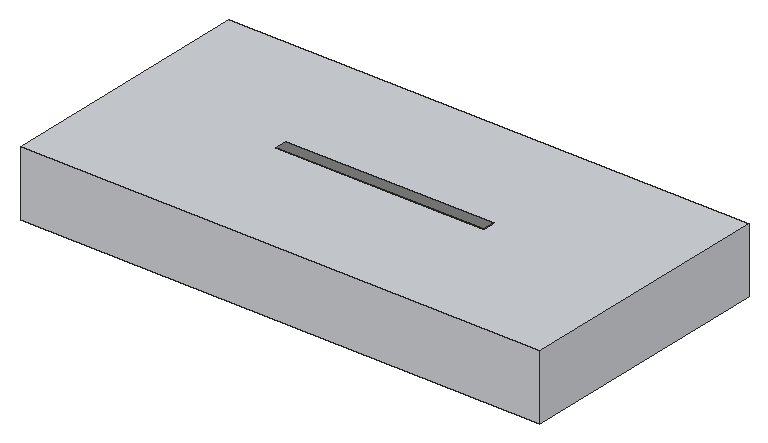
Revit family "電線管用ファミリ(片側のみ)_13", category Electrical Fixtures, Revit 2021
Family settings
  Maintain Annotation Orientation = No
  Round Connector Dimension = Use Diameter
  Part Type = Normal
  OmniClass Number = 23.80.00.00
  OmniClass Title = Electric Power and Lighting
  Work Plane-Based = No
  Always vertical = Yes
  Cut with Voids When Loaded = No
  Shared = No
  Room Calculation Point = No
Parameters
  コネクタ直径 [instance] = 16 mm
  W [instance] = 400 mm
  In W [instance] = 160 mm
  Default Elevation = 0 mm
  D [instance] = 200 mm
Reference planes
  plane 1 "Center (Front/Back)": y = 0
  plane 2: z = 0
  plane 3 "Center (Left/Right)": x = 0
  plane 4: x = -200
  plane 5: x = 200
  plane 6: y = 100
  plane 7: y = -100
  plane 8: z = 50
  plane 9: x = -80
  plane 10: x = 80
Forms (mm)
  Extrusion 1, solid
    sketch origin (0, 0, 0) x (1, 0, 0) y (0, 1, 0)
      loop
        line (-200, 100) -> (-200, -100) -> (200, -100) -> (200, 100) -> (-200, 100)
    from 0 to 50
  Extrusion 2, solid, material "Default"
    sketch origin (0, 0, 0) x (1, 0, 0) y (0, 1, 0)
      loop
        line (-80, 5.034) -> (-80, -4.451) -> (80, -4.451) -> (80, 5.034) -> (-80, 5.034)
    from 0 to 50
Dimensions and locks
  equal spacing: plane 4, plane 3 "Center (Left/Right)", plane 5
  "W": plane 4 to plane 5
  equal spacing: plane 6, plane 1 "Center (Front/Back)", plane 7
  "D": plane 6 to plane 7
  equal spacing: plane 9, plane 3 "Center (Left/Right)", plane 10
  "In W": plane 9 to plane 10
  aligned and locked: level to plane 2
  aligned and locked: plane 8 to Extrusion 1
Automatic sketch dimensions
  Extrusion 1 sketch curve to plane 4 = 0 mm
  Extrusion 1 sketch curve to plane 5 = 0 mm
  Extrusion 1 sketch curve to plane 7 = 0 mm
  Extrusion 1 sketch curve to plane 6 = 0 mm
  Extrusion 2 sketch curve to plane 9 = 0 mm
  Extrusion 2 sketch curve to plane 10 = 0 mm
  plane 1 "Center (Front/Back)" to Extrusion 2 sketch curve = 4.451 mm
  Extrusion 2 sketch curve to plane 1 "Center (Front/Back)" = 5.034 mm
Connectors
  cabletrayconduit at (0, 0, 50), diameter 16
    settings: on Extrusion 1, index 1, connector width 300 mm, connector height 300 mm, connector angle 0.00°, system type 32, placement type 0, profile type 0, connector reference index -1, is primary connector yes, connector utility param no, connector description ""
